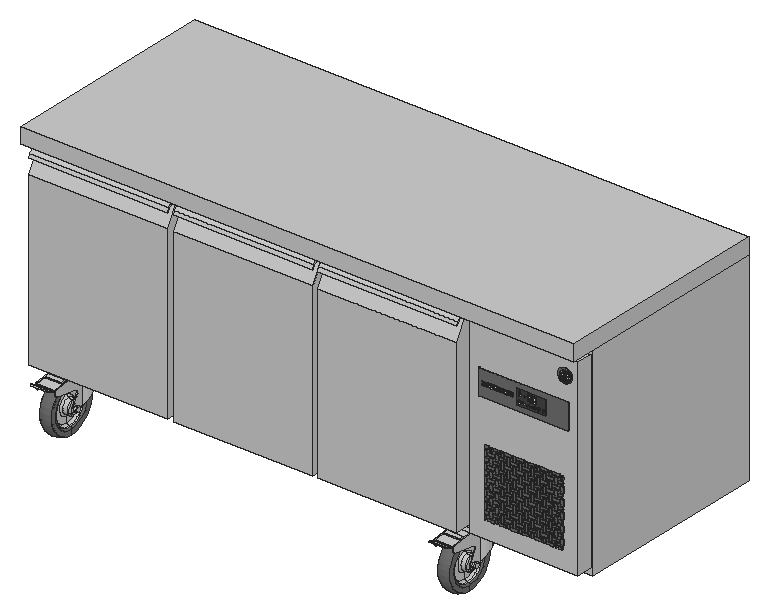
Revit family "QF_HOSHIZAKI_899020861", category Specialty Equipment, Revit 2016
Family settings
  Part Type = Normal
  Round Connector Dimension = Use Diameter
  OmniClass Number = 23.40.40.14
  OmniClass Title = Food Service Equipment
  Work Plane-Based = No
  Always vertical = Yes
  Cut with Voids When Loaded = No
  Shared = No
  Room Calculation Point = No
Parameters (values of type "899020861_230V-1Ph-50Hz")
  Weight = 128.00 kg
  Volts = 230 V
  URL Cutsheet = ""
  URL = "www.hoshizaki-europe.com"
  Status [instance] = ""
  Specification by User [instance] = ""
  Specification by Manufacturer [instance] = ""
  Serial Number = ""
  Seismic Rating = ""
  SMACNA No = ""
  Revision Code [instance] = ""
  Phase = 1
  Number of Poles = 2
  NAFEM Spec ID Number = ""
  Model = "ACF-180DG-LRR-RRC-C1-U"
  Min Ckt Ampacity = 0 A
  Max Overcurrent Protection = 0 A
  Masterspec = ""
  Manufacturer = "HOSHIZAKI"
  Length Actual = 1780 mm
  Item Number [instance] = ""
  Installed By [instance] = ""
  Identify Quantity as Lot [instance] = no
  Height Actual = 850 mm
  HP power = ""
  Furnished By [instance] = ""
  Foodservice Equipment Identifier [instance] = yes
  FL Amps = 2.77 A
  Electric power = 639 W
  Electric Connection Type [instance] = ""
  Elec Conn RI Height [instance] = 0 mm
  Elec Conn Connection Height [instance] = 300 mm
  Description = "ADVANCE 3-SECTION 1/1 GN FREEZER COUNTER WITH 3 DOORS AND A FLAT WORKTOP"
  Depth Actual = 700 mm
  Cycle = 50 Hz
  Cost = 0
  Conn Plug = ""
  Conn Conduit = no
  CSI MasterFormat = ""
  Assembly Code = "E1090320"
  Apparent Power = 639 VA
  Accessory = no
Reference planes
  plane 1 "Center (Front/Back)": y = 0
  plane 2: z = 0
  plane 3 "Center (Left/Right)": x = 0
Forms (mm)
  Extrusion 1, solid, not visible
    sketch origin (1499, -17, 499) x (1, 0, 0) y (0, 1, 0)
      loop
        line (0, 0) -> (2, 0) -> (2, 2) -> (0, 2) -> (0, 0)
    from 0 to 2
Dimensions and locks
  aligned and locked: level to plane 2
Nested families
  nested 1: "QF_HOSHIZAKI_899020861_230V_1Ph_50Hz" at (0, 0, 200), type "899020861_230V/1Ph/50Hz"
    with Show Logo yes, Length Actual 1780 mm, Height Actual 650 mm, Depth Actual 700 mm, Compressor offset 1424 mm, Compressor location 1
  nested 2: "QF_HOSHIZAKI_ADVANCE_REF-COUNTER-WORKTOPS" at (0, 0, 850), type "760660202"
    with Worktop thickness 50 mm, Length Actual 1780 mm, Depth Actual 700 mm, Backsplash thickness 20 mm, Backsplash height 100 mm
  nested 3: "QF_HOSHIZAKI_ADVANCE_REF-COUNTER-DOORS-DRAWERS" at (22, -700, 200), type "760660485-R"
    with Weight 0.00 kg, URL Cutsheet "", Status "", Specification by User "", Specification by Manufacturer "", Serial Number "", Seismic Rating "", Section size 446 mm, Section 1, SMACNA No "", Right hand hinged glass door no, Right hand hinged door no, Revision Code "", NAFEM Spec ID Number "", Masterspec "", Length Actual 0 mm, Left hand hinged glass door no, Left hand hinged door yes, Item Number "", Installed By "", Identify Quantity as Lot no, Height Actual 0 mm, Furnished By "", Foodservice Equipment Identifier no, Depth Actual 0 mm, CSI MasterFormat "", Accessory yes, 3 Drawers no, 2 Drawers 1-3 and 2-3 no, 2 Drawers no
  nested 4: "QF_HOSHIZAKI_ADVANCE_REF-COUNTER-DOORS-DRAWERS" at (488, -700, 200), type "760660485-R"
    with Weight 0.00 kg, URL Cutsheet "", Status "", Specification by User "", Specification by Manufacturer "", Serial Number "", Seismic Rating "", Section size 446 mm, Section 2, SMACNA No "", Right hand hinged glass door no, Right hand hinged door yes, Revision Code "", NAFEM Spec ID Number "", Masterspec "", Length Actual 0 mm, Left hand hinged glass door no, Left hand hinged door no, Item Number "", Installed By "", Identify Quantity as Lot no, Height Actual 0 mm, Furnished By "", Foodservice Equipment Identifier no, Depth Actual 0 mm, CSI MasterFormat "", Accessory yes, 3 Drawers no, 2 Drawers 1-3 and 2-3 no, 2 Drawers no
  nested 5: "QF_HOSHIZAKI_ADVANCE_REF-COUNTER-DOORS-DRAWERS" at (952, -700, 200), type "760660485-R"
    with Weight 0.00 kg, URL Cutsheet "", Status "", Specification by User "", Specification by Manufacturer "", Serial Number "", Seismic Rating "", Section size 446 mm, Section 2, SMACNA No "", Right hand hinged glass door no, Right hand hinged door yes, Revision Code "", NAFEM Spec ID Number "", Masterspec "", Length Actual 0 mm, Left hand hinged glass door no, Left hand hinged door no, Item Number "", Installed By "", Identify Quantity as Lot no, Height Actual 0 mm, Furnished By "", Foodservice Equipment Identifier no, Depth Actual 0 mm, CSI MasterFormat "", Accessory yes, 3 Drawers no, 2 Drawers 1-3 and 2-3 no, 2 Drawers no
  nested 6: "QF_HOSHIZAKI_ADVANCE_REF-COUNTER-CASTORS-200" at (0, 0, 0), type "760660012-6"
    with Weight 0.00 kg, URL Cutsheet "", Status "", Specification by User "", Specification by Manufacturer "", Serial Number "", Seismic Rating "", SMACNA No "", Revision Code "", NAFEM Spec ID Number "", Masterspec "", Length Actual 1780 mm, Legs inset right 430 mm, Legs inset rear 70 mm, Legs inset left 70 mm, Legs inset front 153 mm, Item Number "", Installed By "", Identify Quantity as Lot no, Height Actual 200 mm, Furnished By "", Foodservice Equipment Identifier no, Depth Actual 700 mm, Central Castors no, CSI MasterFormat "", Accessory yes
Connectors
  electrical at (1500, -15, 500), driven by "Apparent Power", driven by "Number of Poles", driven by "Volts"
    settings: on Extrusion 1, index 1, voltage 230 V, apparent load 0 VA, apparent load phase1 639 VA, apparent load phase2 0 VA, apparent load phase3 0 VA, power factor 1, load classification "Other", number of poles 2, system type 31, power factor state 1, is connector primary yes, connector utility no, sub classification motor no, connector description "Electric connection for '899020861' [Plug not included]"
Definition of nested family "QF_HOSHIZAKI_899020861_230V_1Ph_50Hz"
  Parameters (values of type "899020861_230V/1Ph/50Hz")
    URL = "www.hoshizaki-europe.com"
    Show Logo [instance] = yes
    Model = "ACF-180DG-LRR-RRC-C1-U"
    Manufacturer = "HOSHIZAKI"
    Length Actual [instance] = 1780 mm
    Height Actual [instance] = 650 mm
    Description = "ADVANCE 3-SECTION 1/1 GN FREEZER COUNTER WITH 3 DOORS AND A FLAT WORKTOP"
    Depth Actual [instance] = 700 mm
    Compressor offset [instance] = if(Compressor location = 1, Length Actual - 356 mm, if(Compressor location = 2, 7 mm, Length Actual - 356 mm))  # 1424 mm
    Compressor location [instance] = 1
    Author = "SPECIFI"
    Assembly Code = "E1090320"
  Types (24, lengths in mm): name | Model | Length Actual | Description | Compressor offset
    899000840 | "ACF-130DG-LR-RRC-L1" | 1314 | "ADVANCE 2-SECTION 1/1 GN FREEZER COUNTER WITH 2 DOORS AND A FLAT WORKTOP" | 958
    899000844 | "ACF-130DG-LR-RRS-L1" | 1314 | "ADVANCE 2-SECTION 1/1 GN FREEZER COUNTER WITH 2 DOORS AND A FLAT WORKTOP WITH 100 MM SPLASHBACK" | 958
    899000861 | "ACF-130DG-LR-RRC-C1-U" | 1314 | "ADVANCE 2-SECTION 1/1 GN FREEZER COUNTER WITH 2 DOORS AND A FLAT WORKTOP" | 958
    899000865 | "ACF-130DG-LR-RRS-C1-U" | 1314 | "ADVANCE 2-SECTION 1/1 GN FREEZER COUNTER WITH 2 DOORS AND A FLAT WORKTOP WITH 100 MM SPLASHBACK" | 958
    899000842 | "ACF-130DG-LR-RRC-L2" | 1314 | "ADVANCE 2-SECTION 1/1 GN FREEZER COUNTER WITH 2 DOORS AND A FLAT WORKTOP" | 958
    899000846 | "ACF-130DG-LR-RRS-L2" | 1314 | "ADVANCE 2-SECTION 1/1 GN FREEZER COUNTER WITH 2 DOORS AND A FLAT WORKTOP WITH 100 MM SPLASHBACK" | 958
    899000822 | "ACF-130DG-LR-CRC-L2" | 1314 | "ADVANCE 2-SECTION 1/1 GN FREEZER COUNTER WITH 2 DOORS AND A FLAT WORKTOP" | 958
    899000826 | "ACF-130DG-LR-CRS-L2" | 1314 | "ADVANCE 2-SECTION 1/1 GN FREEZER COUNTER WITH 2 DOORS AND A FLAT WORKTOP WITH 100 MM SPLASHBACK" | 958
    899020840 | "ACF-180DG-LRR-RRC-L1" | 1780 | "ADVANCE 3-SECTION 1/1 GN FREEZER COUNTER WITH 3 DOORS AND A FLAT WORKTOP" | 1424
    899020844 | "ACF-180DG-LRR-RRS-L1" | 1780 | "ADVANCE 3-SECTION 1/1 GN FREEZER COUNTER WITH 3 DOORS AND A FLAT WORKTOP WITH 100 MM SPLASHBACK" | 1424
    899020861_230V/1Ph/50Hz | "ACF-180DG-LRR-RRC-C1-U" | 1780 | "ADVANCE 3-SECTION 1/1 GN FREEZER COUNTER WITH 3 DOORS AND A FLAT WORKTOP" | 1424
    899020865 | "ACF-180DG-LRR-RRS-C1-U" | 1780 | "ADVANCE 3-SECTION 1/1 GN FREEZER COUNTER WITH 3 DOORS AND A FLAT WORKTOP WITH 100 MM SPLASHBACK" | 1424
    899020842 | "ACF-180DG-LRR-RRC-L2" | 1780 | "ADVANCE 3-SECTION 1/1 GN FREEZER COUNTER WITH 3 DOORS AND A FLAT WORKTOP" | 1424
    899020846 | "ACF-180DG-LRR-RRS-L2" | 1780 | "ADVANCE 3-SECTION 1/1 GN FREEZER COUNTER WITH 3 DOORS AND A FLAT WORKTOP WITH 100 MM SPLASHBACK" | 1424
    899020823 | "ACF-180DG-LRR-CRC-L2" | 1780 | "ADVANCE 3-SECTION 1/1 GN FREEZER COUNTER WITH 3 DOORS AND A FLAT WORKTOP" | 1424
    899020827 | "ACF-180DG-LRR-CRS-L2" | 1780 | "ADVANCE 3-SECTION 1/1 GN FREEZER COUNTER WITH 3 DOORS AND A FLAT WORKTOP WITH 100 MM SPLASHBACK" | 1424
    899040840 | "ACF-225DG-LLRR-RRC-L1" | 2246 | "ADVANCE 4-SECTION 1/1 GN FREEZER COUNTER WITH 4 DOORS AND A FLAT WORKTOP" | 1890
    899040844 | "ACF-225DG-LLRR-RRS-L1" | 2246 | "ADVANCE 4-SECTION 1/1 GN FREEZER COUNTER WITH 4 DOORS AND A FLAT WORKTOP WITH 100 MM SPLASHBACK" | 1890
    899040861 | "ACF-225DG-LLRR-RRC-C1-U" | 2246 | "ADVANCE 4-SECTION 1/1 GN FREEZER COUNTER WITH 4 DOORS AND A FLAT WORKTOP" | 1890
    899040865 | "ACF-225DG-LLRR-RRS-C1-U" | 2246 | "ADVANCE 4-SECTION 1/1 GN FREEZER COUNTER WITH 4 DOORS AND A FLAT WORKTOP WITH 100 MM SPLASHBACK" | 1890
    899040842 | "ACF-225DG-LLRR-RRC-L2" | 2246 | "ADVANCE 4-SECTION 1/1 GN FREEZER COUNTER WITH 4 DOORS AND A FLAT WORKTOP" | 1890
    899040846 | "ACF-225DG-LLRR-RRS-L2" | 2246 | "ADVANCE 4-SECTION 1/1 GN FREEZER COUNTER WITH 4 DOORS AND A FLAT WORKTOP WITH 100 MM SPLASHBACK" | 1890
    899040822 | "ACF-225DG-LLRR-CRC-L2" | 2246 | "ADVANCE 4-SECTION 1/1 GN FREEZER COUNTER WITH 4 DOORS AND A FLAT WORKTOP" | 1890
    899040826 | "ACF-225DG-LLRR-CRS-L2" | 2246 | "ADVANCE 4-SECTION 1/1 GN FREEZER COUNTER WITH 4 DOORS AND A FLAT WORKTOP WITH 100 MM SPLASHBACK" | 1890
  Reference planes
    plane 1 "Back": y = 0
    plane 2: z = 0
    plane 3 "Left": x = 0
    plane 4 "Right": x = 1780
    plane 5 "Front": y = -700
    plane 6 "Top": z = 650
    plane 7 "Front legs": y = -624.512
    plane 8 "Compressor dimension": x = 1780
    plane 9 "Compressor offset": x = 1424
  Forms (mm)
    Extrusion 1, solid
      sketch origin (0, 0, 0) x (0, 1, 0) y (0, 0, 1)
        loop
          line (0, 650) -> (-624.512, 650) -> (-624.512, 0) -> (0, 0) -> (0, 650)
      from 0 to 1780
    Extrusion 2, solid
      sketch origin (1424, 0, 0) x (0, -1, 0) y (0, 0, 1)
        loop
          line (624.512, 634) -> (624.512, 20) -> (674.54, 20) -> (674.54, 634) -> (624.512, 634)
      from 0 to -349
  Lines and regions (mm)
    symbolic lines
      curve 1: line (0, 0, 650) -> (1780, 0, 650)
      curve 2: line (0, -700, 650) -> (0, 0, 650)
      curve 3: line (1780, -700, 650) -> (0, -700, 650)
      curve 4: line (1780, 0, 650) -> (1780, -700, 650)
  Dimensions and locks
    "Length Actual": plane 3 "Left" to plane 4 "Right"
    "Depth Actual": plane 5 "Front" to plane 1 "Back"
    plane 7 "Front legs" to plane 5 "Front" = 75.488 mm
    "Compressor offset": plane 3 "Left" to plane 9 "Compressor offset"
    locked: plane 9 "Compressor offset" to plane 8 "Compressor dimension" at 356
    plane 6 "Top" to level = 650 mm
    aligned and locked: level to plane 2
    aligned and locked: plane 1 "Back" to Extrusion 1 sketch curve
    aligned and locked: plane 7 "Front legs" to Extrusion 1 sketch curve
    aligned and locked: Extrusion 1 to plane 4 "Right"
    aligned and locked: plane 7 "Front legs" to Extrusion 2 sketch curve
    aligned and locked: nested 1 to plane 5 "Front"
    aligned and locked: nested 1 to plane 9 "Compressor offset"
    aligned and locked: Extrusion 1 sketch curve to plane 6 "Top"
    aligned and locked: plane 2 to Extrusion 1 sketch curve
    aligned and locked: plane 1 "Back" to curve 1
    aligned and locked: plane 5 "Front" to curve 3
    aligned and locked: plane 4 "Right" to curve 4
    aligned and locked: plane 3 "Left" to curve 2
  Automatic sketch dimensions
    plane 5 "Front" to Extrusion 2 sketch curve = 25.46 mm
    level to Extrusion 2 sketch curve = 20 mm
    Extrusion 2 sketch curve to plane 6 "Top" = 16 mm
  Nested families
    nested 1: "Control-panel" at (1424, -700, 0), Show Logo <- "Show Logo", type "Control-panel"
      with Show Logo yes
  Definition of nested family "Control-panel"
    Parameters (values of type "Control-panel")
      Show Logo [instance] = yes
    Reference planes
      plane 1 "Center (Front/Back)": y = 0
      plane 2: z = 0
      plane 3 "Center (Left/Right)": x = 0
      plane 4: z = 650
    Forms (mm)
      Extrusion 1, solid
        sketch origin (-3653, 19.5, -135) x (-1, 0, 0) y (0, 0, 1)
          loop
            arc (-3941, 426) -> (-3944.5, 422.5) -> (-3941, 419) r 3.5
            line (-3941, 419) -> (-3923, 419)
            arc (-3923, 419) -> (-3919.5, 422.5) -> (-3923, 426) r 3.5
            line (-3923, 426) -> (-3941, 426)
          loop
            arc (-3903, 426) -> (-3906.5, 422.5) -> (-3903, 419) r 3.5
            line (-3903, 419) -> (-3885, 419)
            arc (-3885, 419) -> (-3881.5, 422.5) -> (-3885, 426) r 3.5
            line (-3885, 426) -> (-3903, 426)
          loop
            arc (-3865, 426) -> (-3868.5, 422.5) -> (-3865, 419) r 3.5
            line (-3865, 419) -> (-3847, 419)
            arc (-3847, 419) -> (-3843.5, 422.5) -> (-3847, 426) r 3.5
            line (-3847, 426) -> (-3865, 426)
          loop
            arc (-3827, 426) -> (-3830.5, 422.5) -> (-3827, 419) r 3.5
            line (-3827, 419) -> (-3809, 419)
            arc (-3809, 419) -> (-3805.5, 422.5) -> (-3809, 426) r 3.5
            line (-3809, 426) -> (-3827, 426)
          loop
            arc (-3789, 426) -> (-3792.5, 422.5) -> (-3789, 419) r 3.5
            line (-3789, 419) -> (-3771, 419)
            arc (-3771, 419) -> (-3767.5, 422.5) -> (-3771, 426) r 3.5
            line (-3771, 426) -> (-3789, 426)
          loop
            arc (-3751, 426) -> (-3754.5, 422.5) -> (-3751, 419) r 3.5
            line (-3751, 419) -> (-3733, 419)
            arc (-3733, 419) -> (-3729.5, 422.5) -> (-3733, 426) r 3.5
            line (-3733, 426) -> (-3751, 426)
          loop
            arc (-3713, 426) -> (-3716.5, 422.5) -> (-3713, 419) r 3.5
            line (-3713, 419) -> (-3704, 419)
            arc (-3704, 419) -> (-3700.5, 422.5) -> (-3704, 426) r 3.5
            line (-3704, 426) -> (-3713, 426)
          loop
            arc (-3948, 422) -> (-3951, 425) -> (-3954, 422) r 3
            line (-3954, 422) -> (-3954, 413)
            arc (-3954, 413) -> (-3951, 410) -> (-3948, 413) r 3
            line (-3948, 413) -> (-3948, 422)
          loop
            line (-3938.025, 416.51) -> (-3945.025, 416.51) -> (-3945.025, 409.51) -> (-3938.025, 409.51) -> (-3938.025, 416.51)
          loop
            line (-3919.025, 416.51) -> (-3926.025, 416.51) -> (-3926.025, 409.51) -> (-3919.025, 409.51) -> (-3919.025, 416.51)
          loop
            arc (-3910, 422) -> (-3913, 425) -> (-3916, 422) r 3
            line (-3916, 422) -> (-3916, 413)
            arc (-3916, 413) -> (-3913, 410) -> (-3910, 413) r 3
            line (-3910, 413) -> (-3910, 422)
          loop
            line (-3900.025, 416.51) -> (-3907.025, 416.51) -> (-3907.025, 409.51) -> (-3900.025, 409.51) -> (-3900.025, 416.51)
          loop
            line (-3881.025, 416.51) -> (-3888.025, 416.51) -> (-3888.025, 409.51) -> (-3881.025, 409.51) -> (-3881.025, 416.51)
          loop
            arc (-3872, 422) -> (-3875, 425) -> (-3878, 422) r 3
            line (-3878, 422) -> (-3878, 413)
            arc (-3878, 413) -> (-3875, 410) -> (-3872, 413) r 3
            line (-3872, 413) -> (-3872, 422)
          loop
            line (-3862.025, 416.51) -> (-3869.025, 416.51) -> (-3869.025, 409.51) -> (-3862.025, 409.51) -> (-3862.025, 416.51)
          loop
            line (-3843.025, 416.51) -> (-3850.025, 416.51) -> (-3850.025, 409.51) -> (-3843.025, 409.51) -> (-3843.025, 416.51)
          loop
            arc (-3834, 422) -> (-3837, 425) -> (-3840, 422) r 3
            line (-3840, 422) -> (-3840, 413)
            arc (-3840, 413) -> (-3837, 410) -> (-3834, 413) r 3
            line (-3834, 413) -> (-3834, 422)
          loop
            line (-3824.025, 416.51) -> (-3831.025, 416.51) -> (-3831.025, 409.51) -> (-3824.025, 409.51) -> (-3824.025, 416.51)
          loop
            line (-3805.025, 416.51) -> (-3812.025, 416.51) -> (-3812.025, 409.51) -> (-3805.025, 409.51) -> (-3805.025, 416.51)
          loop
            arc (-3796, 422) -> (-3799, 425) -> (-3802, 422) r 3
            line (-3802, 422) -> (-3802, 413)
            arc (-3802, 413) -> (-3799, 410) -> (-3796, 413) r 3
            line (-3796, 413) -> (-3796, 422)
          loop
            line (-3786.025, 416.51) -> (-3793.025, 416.51) -> (-3793.025, 409.51) -> (-3786.025, 409.51) -> (-3786.025, 416.51)
          loop
            line (-3767.025, 416.51) -> (-3774.025, 416.51) -> (-3774.025, 409.51) -> (-3767.025, 409.51) -> (-3767.025, 416.51)
          loop
            arc (-3758, 422) -> (-3761, 425) -> (-3764, 422) r 3
            line (-3764, 422) -> (-3764, 413)
            arc (-3764, 413) -> (-3761, 410) -> (-3758, 413) r 3
            line (-3758, 413) -> (-3758, 422)
          loop
            line (-3748.025, 416.51) -> (-3755.025, 416.51) -> (-3755.025, 409.51) -> (-3748.025, 409.51) -> (-3748.025, 416.51)
          loop
            line (-3729.025, 416.51) -> (-3736.025, 416.51) -> (-3736.025, 409.51) -> (-3729.025, 409.51) -> (-3729.025, 416.51)
          loop
            arc (-3720, 422) -> (-3723, 425) -> (-3726, 422) r 3
            line (-3726, 422) -> (-3726, 413)
            arc (-3726, 413) -> (-3723, 410) -> (-3720, 413) r 3
            line (-3720, 413) -> (-3720, 422)
          loop
            line (-3710.025, 416.51) -> (-3717.025, 416.51) -> (-3717.025, 409.51) -> (-3710.025, 409.51) -> (-3710.025, 416.51)
          loop
            line (-3935.5, 412.5) -> (-3935.5, 394.5)
            arc (-3935.5, 394.5) -> (-3932, 391) -> (-3928.5, 394.5) r 3.5
            line (-3928.5, 394.5) -> (-3928.5, 412.5)
            arc (-3928.5, 412.5) -> (-3932, 416) -> (-3935.5, 412.5) r 3.5
          loop
            line (-3897.5, 412.5) -> (-3897.5, 394.5)
            arc (-3897.5, 394.5) -> (-3894, 391) -> (-3890.5, 394.5) r 3.5
            line (-3890.5, 394.5) -> (-3890.5, 412.5)
            arc (-3890.5, 412.5) -> (-3894, 416) -> (-3897.5, 412.5) r 3.5
          loop
            line (-3859.5, 412.5) -> (-3859.5, 394.5)
            arc (-3859.5, 394.5) -> (-3856, 391) -> (-3852.5, 394.5) r 3.5
            line (-3852.5, 394.5) -> (-3852.5, 412.5)
            arc (-3852.5, 412.5) -> (-3856, 416) -> (-3859.5, 412.5) r 3.5
          loop
            line (-3821.5, 412.5) -> (-3821.5, 394.5)
            arc (-3821.5, 394.5) -> (-3818, 391) -> (-3814.5, 394.5) r 3.5
            line (-3814.5, 394.5) -> (-3814.5, 412.5)
            arc (-3814.5, 412.5) -> (-3818, 416) -> (-3821.5, 412.5) r 3.5
          loop
            line (-3783.5, 412.5) -> (-3783.5, 394.5)
            arc (-3783.5, 394.5) -> (-3780, 391) -> (-3776.5, 394.5) r 3.5
            line (-3776.5, 394.5) -> (-3776.5, 412.5)
            arc (-3776.5, 412.5) -> (-3780, 416) -> (-3783.5, 412.5) r 3.5
          loop
            line (-3745.5, 412.5) -> (-3745.5, 394.5)
            arc (-3745.5, 394.5) -> (-3742, 391) -> (-3738.5, 394.5) r 3.5
            line (-3738.5, 394.5) -> (-3738.5, 412.5)
            arc (-3738.5, 412.5) -> (-3742, 416) -> (-3745.5, 412.5) r 3.5
          loop
            line (-3707.5, 412.5) -> (-3707.5, 394.5)
            arc (-3707.5, 394.5) -> (-3704, 391) -> (-3700.5, 394.5) r 3.5
            line (-3700.5, 394.5) -> (-3700.5, 412.5)
            arc (-3700.5, 412.5) -> (-3704, 416) -> (-3707.5, 412.5) r 3.5
          loop
            arc (-3922, 407) -> (-3925.5, 403.5) -> (-3922, 400) r 3.5
            line (-3922, 400) -> (-3904, 400)
            arc (-3904, 400) -> (-3900.5, 403.5) -> (-3904, 407) r 3.5
            line (-3904, 407) -> (-3922, 407)
          loop
            arc (-3884, 407) -> (-3887.5, 403.5) -> (-3884, 400) r 3.5
            line (-3884, 400) -> (-3866, 400)
            arc (-3866, 400) -> (-3862.5, 403.5) -> (-3866, 407) r 3.5
            line (-3866, 407) -> (-3884, 407)
          loop
            arc (-3846, 407) -> (-3849.5, 403.5) -> (-3846, 400) r 3.5
            line (-3846, 400) -> (-3828, 400)
            arc (-3828, 400) -> (-3824.5, 403.5) -> (-3828, 407) r 3.5
            line (-3828, 407) -> (-3846, 407)
          loop
            arc (-3808, 407) -> (-3811.5, 403.5) -> (-3808, 400) r 3.5
            line (-3808, 400) -> (-3790, 400)
            arc (-3790, 400) -> (-3786.5, 403.5) -> (-3790, 407) r 3.5
            line (-3790, 407) -> (-3808, 407)
          loop
            arc (-3770, 407) -> (-3773.5, 403.5) -> (-3770, 400) r 3.5
            line (-3770, 400) -> (-3752, 400)
            arc (-3752, 400) -> (-3748.5, 403.5) -> (-3752, 407) r 3.5
            line (-3752, 407) -> (-3770, 407)
          loop
            arc (-3732, 407) -> (-3735.5, 403.5) -> (-3732, 400) r 3.5
            line (-3732, 400) -> (-3714, 400)
            arc (-3714, 400) -> (-3710.5, 403.5) -> (-3714, 407) r 3.5
            line (-3714, 407) -> (-3732, 407)
          loop
            line (-3938.025, 390.49) -> (-3938.025, 397.49) -> (-3945.025, 397.49) -> (-3945.025, 390.49) -> (-3938.025, 390.49)
          loop
            line (-3919.025, 390.49) -> (-3919.025, 397.49) -> (-3926.025, 397.49) -> (-3926.025, 390.49) -> (-3919.025, 390.49)
          loop
            line (-3900.025, 390.49) -> (-3900.025, 397.49) -> (-3907.025, 397.49) -> (-3907.025, 390.49) -> (-3900.025, 390.49)
          loop
            line (-3881.025, 390.49) -> (-3881.025, 397.49) -> (-3888.025, 397.49) -> (-3888.025, 390.49) -> (-3881.025, 390.49)
          loop
            line (-3862.025, 390.49) -> (-3862.025, 397.49) -> (-3869.025, 397.49) -> (-3869.025, 390.49) -> (-3862.025, 390.49)
          loop
            line (-3843.025, 390.49) -> (-3843.025, 397.49) -> (-3850.025, 397.49) -> (-3850.025, 390.49) -> (-3843.025, 390.49)
          loop
            line (-3824.025, 390.49) -> (-3824.025, 397.49) -> (-3831.025, 397.49) -> (-3831.025, 390.49) -> (-3824.025, 390.49)
          loop
            line (-3805.025, 390.49) -> (-3805.025, 397.49) -> (-3812.025, 397.49) -> (-3812.025, 390.49) -> (-3805.025, 390.49)
          loop
            line (-3786.025, 390.49) -> (-3786.025, 397.49) -> (-3793.025, 397.49) -> (-3793.025, 390.49) -> (-3786.025, 390.49)
          loop
            line (-3767.025, 390.49) -> (-3767.025, 397.49) -> (-3774.025, 397.49) -> (-3774.025, 390.49) -> (-3767.025, 390.49)
          loop
            line (-3748.025, 390.49) -> (-3748.025, 397.49) -> (-3755.025, 397.49) -> (-3755.025, 390.49) -> (-3748.025, 390.49)
          loop
            line (-3729.025, 390.49) -> (-3729.025, 397.49) -> (-3736.025, 397.49) -> (-3736.025, 390.49) -> (-3729.025, 390.49)
          loop
            line (-3710.025, 390.49) -> (-3710.025, 397.49) -> (-3717.025, 397.49) -> (-3717.025, 390.49) -> (-3710.025, 390.49)
          loop
            arc (-3719.5, 393.5) -> (-3723, 397) -> (-3726.5, 393.5) r 3.5
            line (-3726.5, 393.5) -> (-3726.5, 375.5)
            arc (-3726.5, 375.5) -> (-3723, 372) -> (-3719.5, 375.5) r 3.5
            line (-3719.5, 375.5) -> (-3719.5, 393.5)
          loop
            arc (-3757.5, 393.5) -> (-3761, 397) -> (-3764.5, 393.5) r 3.5
            line (-3764.5, 393.5) -> (-3764.5, 375.5)
            arc (-3764.5, 375.5) -> (-3761, 372) -> (-3757.5, 375.5) r 3.5
            line (-3757.5, 375.5) -> (-3757.5, 393.5)
          loop
            arc (-3795.5, 393.5) -> (-3799, 397) -> (-3802.5, 393.5) r 3.5
            line (-3802.5, 393.5) -> (-3802.5, 375.5)
            arc (-3802.5, 375.5) -> (-3799, 372) -> (-3795.5, 375.5) r 3.5
            line (-3795.5, 375.5) -> (-3795.5, 393.5)
          loop
            arc (-3833.5, 393.5) -> (-3837, 397) -> (-3840.5, 393.5) r 3.5
            line (-3840.5, 393.5) -> (-3840.5, 375.5)
            arc (-3840.5, 375.5) -> (-3837, 372) -> (-3833.5, 375.5) r 3.5
            line (-3833.5, 375.5) -> (-3833.5, 393.5)
          loop
            arc (-3871.5, 393.5) -> (-3875, 397) -> (-3878.5, 393.5) r 3.5
            line (-3878.5, 393.5) -> (-3878.5, 375.5)
            arc (-3878.5, 375.5) -> (-3875, 372) -> (-3871.5, 375.5) r 3.5
            line (-3871.5, 375.5) -> (-3871.5, 393.5)
          loop
            arc (-3909.5, 393.5) -> (-3913, 397) -> (-3916.5, 393.5) r 3.5
            line (-3916.5, 393.5) -> (-3916.5, 375.5)
            arc (-3916.5, 375.5) -> (-3913, 372) -> (-3909.5, 375.5) r 3.5
            line (-3909.5, 375.5) -> (-3909.5, 393.5)
          loop
            arc (-3951, 406.5) -> (-3954, 403.5) -> (-3951, 400.5) r 3
            line (-3951, 400.5) -> (-3942, 400.5)
            arc (-3942, 400.5) -> (-3939, 403.5) -> (-3942, 406.5) r 3
            line (-3942, 406.5) -> (-3951, 406.5)
          loop
            arc (-3947.5, 393.5) -> (-3951, 397) -> (-3954.5, 393.5) r 3.5
            line (-3954.5, 393.5) -> (-3954.5, 375.5)
            arc (-3954.5, 375.5) -> (-3951, 372) -> (-3947.5, 375.5) r 3.5
            line (-3947.5, 375.5) -> (-3947.5, 393.5)
          loop
            arc (-3941, 388.51) -> (-3944.5, 385.01) -> (-3941, 381.51) r 3.5
            line (-3941, 381.51) -> (-3923, 381.51)
            arc (-3923, 381.51) -> (-3919.5, 385.01) -> (-3923, 388.51) r 3.5
            line (-3923, 388.51) -> (-3941, 388.51)
          loop
            arc (-3903, 388.51) -> (-3906.5, 385.01) -> (-3903, 381.51) r 3.5
            line (-3903, 381.51) -> (-3885, 381.51)
            arc (-3885, 381.51) -> (-3881.5, 385.01) -> (-3885, 388.51) r 3.5
            line (-3885, 388.51) -> (-3903, 388.51)
          loop
            arc (-3865, 388.51) -> (-3868.5, 385.01) -> (-3865, 381.51) r 3.5
            line (-3865, 381.51) -> (-3847, 381.51)
            arc (-3847, 381.51) -> (-3843.5, 385.01) -> (-3847, 388.51) r 3.5
            line (-3847, 388.51) -> (-3865, 388.51)
          loop
            arc (-3827, 388.51) -> (-3830.5, 385.01) -> (-3827, 381.51) r 3.5
            line (-3827, 381.51) -> (-3809, 381.51)
            arc (-3809, 381.51) -> (-3805.5, 385.01) -> (-3809, 388.51) r 3.5
            line (-3809, 388.51) -> (-3827, 388.51)
          loop
            arc (-3789, 388.51) -> (-3792.5, 385.01) -> (-3789, 381.51) r 3.5
            line (-3789, 381.51) -> (-3771, 381.51)
            arc (-3771, 381.51) -> (-3767.5, 385.01) -> (-3771, 388.51) r 3.5
            line (-3771, 388.51) -> (-3789, 388.51)
          loop
            arc (-3751, 388.51) -> (-3754.5, 385.01) -> (-3751, 381.51) r 3.5
            line (-3751, 381.51) -> (-3733, 381.51)
            arc (-3733, 381.51) -> (-3729.5, 385.01) -> (-3733, 388.51) r 3.5
            line (-3733, 388.51) -> (-3751, 388.51)
          loop
            arc (-3713, 388.51) -> (-3716.5, 385.01) -> (-3713, 381.51) r 3.5
            line (-3713, 381.51) -> (-3704, 381.51)
            arc (-3704, 381.51) -> (-3700.5, 385.01) -> (-3704, 388.51) r 3.5
            line (-3704, 388.51) -> (-3713, 388.51)
          loop
            line (-3938.025, 379.02) -> (-3945.025, 379.02) -> (-3945.025, 372.02) -> (-3938.025, 372.02) -> (-3938.025, 379.02)
          loop
            line (-3919.025, 379.02) -> (-3926.025, 379.02) -> (-3926.025, 372.02) -> (-3919.025, 372.02) -> (-3919.025, 379.02)
          loop
            line (-3900.025, 379.02) -> (-3907.025, 379.02) -> (-3907.025, 372.02) -> (-3900.025, 372.02) -> (-3900.025, 379.02)
          loop
            line (-3881.025, 379.02) -> (-3888.025, 379.02) -> (-3888.025, 372.02) -> (-3881.025, 372.02) -> (-3881.025, 379.02)
          loop
            line (-3862.025, 379.02) -> (-3869.025, 379.02) -> (-3869.025, 372.02) -> (-3862.025, 372.02) -> (-3862.025, 379.02)
          loop
            line (-3843.025, 379.02) -> (-3850.025, 379.02) -> (-3850.025, 372.02) -> (-3843.025, 372.02) -> (-3843.025, 379.02)
          loop
            line (-3824.025, 379.02) -> (-3831.025, 379.02) -> (-3831.025, 372.02) -> (-3824.025, 372.02) -> (-3824.025, 379.02)
          loop
            line (-3805.025, 379.02) -> (-3812.025, 379.02) -> (-3812.025, 372.02) -> (-3805.025, 372.02) -> (-3805.025, 379.02)
          loop
            line (-3786.025, 379.02) -> (-3793.025, 379.02) -> (-3793.025, 372.02) -> (-3786.025, 372.02) -> (-3786.025, 379.02)
          loop
            line (-3767.025, 379.02) -> (-3774.025, 379.02) -> (-3774.025, 372.02) -> (-3767.025, 372.02) -> (-3767.025, 379.02)
          loop
            line (-3748.025, 379.02) -> (-3755.025, 379.02) -> (-3755.025, 372.02) -> (-3748.025, 372.02) -> (-3748.025, 379.02)
          loop
            line (-3729.025, 379.02) -> (-3736.025, 379.02) -> (-3736.025, 372.02) -> (-3729.025, 372.02) -> (-3729.025, 379.02)
          loop
            line (-3710.025, 379.02) -> (-3717.025, 379.02) -> (-3717.025, 372.02) -> (-3710.025, 372.02) -> (-3710.025, 379.02)
          loop
            line (-3935.5, 375.01) -> (-3935.5, 357.01)
            arc (-3935.5, 357.01) -> (-3932, 353.51) -> (-3928.5, 357.01) r 3.5
            line (-3928.5, 357.01) -> (-3928.5, 375.01)
            arc (-3928.5, 375.01) -> (-3932, 378.51) -> (-3935.5, 375.01) r 3.5
          loop
            line (-3897.5, 375.01) -> (-3897.5, 357.01)
            arc (-3897.5, 357.01) -> (-3894, 353.51) -> (-3890.5, 357.01) r 3.5
            line (-3890.5, 357.01) -> (-3890.5, 375.01)
            arc (-3890.5, 375.01) -> (-3894, 378.51) -> (-3897.5, 375.01) r 3.5
          loop
            line (-3859.5, 375.01) -> (-3859.5, 357.01)
            arc (-3859.5, 357.01) -> (-3856, 353.51) -> (-3852.5, 357.01) r 3.5
            line (-3852.5, 357.01) -> (-3852.5, 375.01)
            arc (-3852.5, 375.01) -> (-3856, 378.51) -> (-3859.5, 375.01) r 3.5
          loop
            line (-3821.5, 375.01) -> (-3821.5, 357.01)
            arc (-3821.5, 357.01) -> (-3818, 353.51) -> (-3814.5, 357.01) r 3.5
            line (-3814.5, 357.01) -> (-3814.5, 375.01)
            arc (-3814.5, 375.01) -> (-3818, 378.51) -> (-3821.5, 375.01) r 3.5
          loop
            line (-3783.5, 375.01) -> (-3783.5, 357.01)
            arc (-3783.5, 357.01) -> (-3780, 353.51) -> (-3776.5, 357.01) r 3.5
            line (-3776.5, 357.01) -> (-3776.5, 375.01)
            arc (-3776.5, 375.01) -> (-3780, 378.51) -> (-3783.5, 375.01) r 3.5
          loop
            line (-3745.5, 375.01) -> (-3745.5, 357.01)
            arc (-3745.5, 357.01) -> (-3742, 353.51) -> (-3738.5, 357.01) r 3.5
            line (-3738.5, 357.01) -> (-3738.5, 375.01)
            arc (-3738.5, 375.01) -> (-3742, 378.51) -> (-3745.5, 375.01) r 3.5
          loop
            line (-3707.5, 375.01) -> (-3707.5, 357.01)
            arc (-3707.5, 357.01) -> (-3704, 353.51) -> (-3700.5, 357.01) r 3.5
            line (-3700.5, 357.01) -> (-3700.5, 375.01)
            arc (-3700.5, 375.01) -> (-3704, 378.51) -> (-3707.5, 375.01) r 3.5
          loop
            arc (-3922, 369.51) -> (-3925.5, 366.01) -> (-3922, 362.51) r 3.5
            line (-3922, 362.51) -> (-3904, 362.51)
            arc (-3904, 362.51) -> (-3900.5, 366.01) -> (-3904, 369.51) r 3.5
            line (-3904, 369.51) -> (-3922, 369.51)
          loop
            arc (-3884, 369.51) -> (-3887.5, 366.01) -> (-3884, 362.51) r 3.5
            line (-3884, 362.51) -> (-3866, 362.51)
            arc (-3866, 362.51) -> (-3862.5, 366.01) -> (-3866, 369.51) r 3.5
            line (-3866, 369.51) -> (-3884, 369.51)
          loop
            arc (-3846, 369.51) -> (-3849.5, 366.01) -> (-3846, 362.51) r 3.5
            line (-3846, 362.51) -> (-3828, 362.51)
            arc (-3828, 362.51) -> (-3824.5, 366.01) -> (-3828, 369.51) r 3.5
            line (-3828, 369.51) -> (-3846, 369.51)
          loop
            arc (-3808, 369.51) -> (-3811.5, 366.01) -> (-3808, 362.51) r 3.5
            line (-3808, 362.51) -> (-3790, 362.51)
            arc (-3790, 362.51) -> (-3786.5, 366.01) -> (-3790, 369.51) r 3.5
            line (-3790, 369.51) -> (-3808, 369.51)
          loop
            arc (-3770, 369.51) -> (-3773.5, 366.01) -> (-3770, 362.51) r 3.5
            line (-3770, 362.51) -> (-3752, 362.51)
            arc (-3752, 362.51) -> (-3748.5, 366.01) -> (-3752, 369.51) r 3.5
            line (-3752, 369.51) -> (-3770, 369.51)
          loop
            arc (-3732, 369.51) -> (-3735.5, 366.01) -> (-3732, 362.51) r 3.5
            line (-3732, 362.51) -> (-3714, 362.51)
            arc (-3714, 362.51) -> (-3710.5, 366.01) -> (-3714, 369.51) r 3.5
            line (-3714, 369.51) -> (-3732, 369.51)
          loop
            line (-3938.025, 353) -> (-3938.025, 360) -> (-3945.025, 360) -> (-3945.025, 353) -> (-3938.025, 353)
          loop
            line (-3919.025, 353) -> (-3919.025, 360) -> (-3926.025, 360) -> (-3926.025, 353) -> (-3919.025, 353)
          loop
            line (-3900.025, 353) -> (-3900.025, 360) -> (-3907.025, 360) -> (-3907.025, 353) -> (-3900.025, 353)
          loop
            line (-3881.025, 353) -> (-3881.025, 360) -> (-3888.025, 360) -> (-3888.025, 353) -> (-3881.025, 353)
          loop
            line (-3862.025, 353) -> (-3862.025, 360) -> (-3869.025, 360) -> (-3869.025, 353) -> (-3862.025, 353)
          loop
            line (-3843.025, 353) -> (-3843.025, 360) -> (-3850.025, 360) -> (-3850.025, 353) -> (-3843.025, 353)
          loop
            line (-3824.025, 353) -> (-3824.025, 360) -> (-3831.025, 360) -> (-3831.025, 353) -> (-3824.025, 353)
          loop
            line (-3805.025, 353) -> (-3805.025, 360) -> (-3812.025, 360) -> (-3812.025, 353) -> (-3805.025, 353)
          loop
            line (-3786.025, 353) -> (-3786.025, 360) -> (-3793.025, 360) -> (-3793.025, 353) -> (-3786.025, 353)
          loop
            line (-3767.025, 353) -> (-3767.025, 360) -> (-3774.025, 360) -> (-3774.025, 353) -> (-3767.025, 353)
          loop
            line (-3748.025, 353) -> (-3748.025, 360) -> (-3755.025, 360) -> (-3755.025, 353) -> (-3748.025, 353)
          loop
            line (-3729.025, 353) -> (-3729.025, 360) -> (-3736.025, 360) -> (-3736.025, 353) -> (-3729.025, 353)
          loop
            line (-3710.025, 353) -> (-3710.025, 360) -> (-3717.025, 360) -> (-3717.025, 353) -> (-3710.025, 353)
          loop
            arc (-3719.5, 356.01) -> (-3723, 359.51) -> (-3726.5, 356.01) r 3.5
            line (-3726.5, 356.01) -> (-3726.5, 338.01)
            arc (-3726.5, 338.01) -> (-3723, 334.51) -> (-3719.5, 338.01) r 3.5
            line (-3719.5, 338.01) -> (-3719.5, 356.01)
          loop
            arc (-3757.5, 356.01) -> (-3761, 359.51) -> (-3764.5, 356.01) r 3.5
            line (-3764.5, 356.01) -> (-3764.5, 338.01)
            arc (-3764.5, 338.01) -> (-3761, 334.51) -> (-3757.5, 338.01) r 3.5
            line (-3757.5, 338.01) -> (-3757.5, 356.01)
          loop
            arc (-3795.5, 356.01) -> (-3799, 359.51) -> (-3802.5, 356.01) r 3.5
            line (-3802.5, 356.01) -> (-3802.5, 338.01)
            arc (-3802.5, 338.01) -> (-3799, 334.51) -> (-3795.5, 338.01) r 3.5
            line (-3795.5, 338.01) -> (-3795.5, 356.01)
          loop
            arc (-3833.5, 356.01) -> (-3837, 359.51) -> (-3840.5, 356.01) r 3.5
            line (-3840.5, 356.01) -> (-3840.5, 338.01)
            arc (-3840.5, 338.01) -> (-3837, 334.51) -> (-3833.5, 338.01) r 3.5
            line (-3833.5, 338.01) -> (-3833.5, 356.01)
          loop
            arc (-3871.5, 356.01) -> (-3875, 359.51) -> (-3878.5, 356.01) r 3.5
            line (-3878.5, 356.01) -> (-3878.5, 338.01)
            arc (-3878.5, 338.01) -> (-3875, 334.51) -> (-3871.5, 338.01) r 3.5
            line (-3871.5, 338.01) -> (-3871.5, 356.01)
          loop
            arc (-3909.5, 356.01) -> (-3913, 359.51) -> (-3916.5, 356.01) r 3.5
            line (-3916.5, 356.01) -> (-3916.5, 338.01)
            arc (-3916.5, 338.01) -> (-3913, 334.51) -> (-3909.5, 338.01) r 3.5
            line (-3909.5, 338.01) -> (-3909.5, 356.01)
          loop
            arc (-3951, 369.01) -> (-3954, 366.01) -> (-3951, 363.01) r 3
            line (-3951, 363.01) -> (-3942, 363.01)
            arc (-3942, 363.01) -> (-3939, 366.01) -> (-3942, 369.01) r 3
            line (-3942, 369.01) -> (-3951, 369.01)
          loop
            arc (-3947.5, 356.01) -> (-3951, 359.51) -> (-3954.5, 356.01) r 3.5
            line (-3954.5, 356.01) -> (-3954.5, 338.01)
            arc (-3954.5, 338.01) -> (-3951, 334.51) -> (-3947.5, 338.01) r 3.5
            line (-3947.5, 338.01) -> (-3947.5, 356.01)
          loop
            arc (-3941, 350.486) -> (-3944.5, 346.986) -> (-3941, 343.486) r 3.5
            line (-3941, 343.486) -> (-3923, 343.486)
            arc (-3923, 343.486) -> (-3919.5, 346.986) -> (-3923, 350.486) r 3.5
            line (-3923, 350.486) -> (-3941, 350.486)
          loop
            arc (-3903, 350.486) -> (-3906.5, 346.986) -> (-3903, 343.486) r 3.5
            line (-3903, 343.486) -> (-3885, 343.486)
            arc (-3885, 343.486) -> (-3881.5, 346.986) -> (-3885, 350.486) r 3.5
            line (-3885, 350.486) -> (-3903, 350.486)
          loop
            arc (-3865, 350.486) -> (-3868.5, 346.986) -> (-3865, 343.486) r 3.5
            line (-3865, 343.486) -> (-3847, 343.486)
            arc (-3847, 343.486) -> (-3843.5, 346.986) -> (-3847, 350.486) r 3.5
            line (-3847, 350.486) -> (-3865, 350.486)
          loop
            arc (-3827, 350.486) -> (-3830.5, 346.986) -> (-3827, 343.486) r 3.5
            line (-3827, 343.486) -> (-3809, 343.486)
            arc (-3809, 343.486) -> (-3805.5, 346.986) -> (-3809, 350.486) r 3.5
            line (-3809, 350.486) -> (-3827, 350.486)
          loop
            arc (-3789, 350.486) -> (-3792.5, 346.986) -> (-3789, 343.486) r 3.5
            line (-3789, 343.486) -> (-3771, 343.486)
            arc (-3771, 343.486) -> (-3767.5, 346.986) -> (-3771, 350.486) r 3.5
            line (-3771, 350.486) -> (-3789, 350.486)
          loop
            arc (-3751, 350.486) -> (-3754.5, 346.986) -> (-3751, 343.486) r 3.5
            line (-3751, 343.486) -> (-3733, 343.486)
            arc (-3733, 343.486) -> (-3729.5, 346.986) -> (-3733, 350.486) r 3.5
            line (-3733, 350.486) -> (-3751, 350.486)
          loop
            arc (-3713, 350.486) -> (-3716.5, 346.986) -> (-3713, 343.486) r 3.5
            line (-3713, 343.486) -> (-3704, 343.486)
            arc (-3704, 343.486) -> (-3700.5, 346.986) -> (-3704, 350.486) r 3.5
            line (-3704, 350.486) -> (-3713, 350.486)
          loop
            line (-3938.025, 340.996) -> (-3945.025, 340.996) -> (-3945.025, 333.996) -> (-3938.025, 333.996) -> (-3938.025, 340.996)
          loop
            line (-3919.025, 340.996) -> (-3926.025, 340.996) -> (-3926.025, 333.996) -> (-3919.025, 333.996) -> (-3919.025, 340.996)
          loop
            line (-3900.025, 340.996) -> (-3907.025, 340.996) -> (-3907.025, 333.996) -> (-3900.025, 333.996) -> (-3900.025, 340.996)
          loop
            line (-3881.025, 340.996) -> (-3888.025, 340.996) -> (-3888.025, 333.996) -> (-3881.025, 333.996) -> (-3881.025, 340.996)
          loop
            line (-3862.025, 340.996) -> (-3869.025, 340.996) -> (-3869.025, 333.996) -> (-3862.025, 333.996) -> (-3862.025, 340.996)
          loop
            line (-3843.025, 340.996) -> (-3850.025, 340.996) -> (-3850.025, 333.996) -> (-3843.025, 333.996) -> (-3843.025, 340.996)
          loop
            line (-3824.025, 340.996) -> (-3831.025, 340.996) -> (-3831.025, 333.996) -> (-3824.025, 333.996) -> (-3824.025, 340.996)
          loop
            line (-3805.025, 340.996) -> (-3812.025, 340.996) -> (-3812.025, 333.996) -> (-3805.025, 333.996) -> (-3805.025, 340.996)
          loop
            line (-3786.025, 340.996) -> (-3793.025, 340.996) -> (-3793.025, 333.996) -> (-3786.025, 333.996) -> (-3786.025, 340.996)
          loop
            line (-3767.025, 340.996) -> (-3774.025, 340.996) -> (-3774.025, 333.996) -> (-3767.025, 333.996) -> (-3767.025, 340.996)
          loop
            line (-3748.025, 340.996) -> (-3755.025, 340.996) -> (-3755.025, 333.996) -> (-3748.025, 333.996) -> (-3748.025, 340.996)
          loop
            line (-3729.025, 340.996) -> (-3736.025, 340.996) -> (-3736.025, 333.996) -> (-3729.025, 333.996) -> (-3729.025, 340.996)
          loop
            line (-3710.025, 340.996) -> (-3717.025, 340.996) -> (-3717.025, 333.996) -> (-3710.025, 333.996) -> (-3710.025, 340.996)
          loop
            line (-3935.5, 336.986) -> (-3935.5, 318.986)
            arc (-3935.5, 318.986) -> (-3932, 315.486) -> (-3928.5, 318.986) r 3.5
            line (-3928.5, 318.986) -> (-3928.5, 336.986)
            arc (-3928.5, 336.986) -> (-3932, 340.486) -> (-3935.5, 336.986) r 3.5
          loop
            line (-3897.5, 336.986) -> (-3897.5, 318.986)
            arc (-3897.5, 318.986) -> (-3894, 315.486) -> (-3890.5, 318.986) r 3.5
            line (-3890.5, 318.986) -> (-3890.5, 336.986)
            arc (-3890.5, 336.986) -> (-3894, 340.486) -> (-3897.5, 336.986) r 3.5
          loop
            line (-3859.5, 336.986) -> (-3859.5, 318.986)
            arc (-3859.5, 318.986) -> (-3856, 315.486) -> (-3852.5, 318.986) r 3.5
            line (-3852.5, 318.986) -> (-3852.5, 336.986)
            arc (-3852.5, 336.986) -> (-3856, 340.486) -> (-3859.5, 336.986) r 3.5
          loop
            line (-3821.5, 336.986) -> (-3821.5, 318.986)
            arc (-3821.5, 318.986) -> (-3818, 315.486) -> (-3814.5, 318.986) r 3.5
            line (-3814.5, 318.986) -> (-3814.5, 336.986)
            arc (-3814.5, 336.986) -> (-3818, 340.486) -> (-3821.5, 336.986) r 3.5
          loop
            line (-3783.5, 336.986) -> (-3783.5, 318.986)
            arc (-3783.5, 318.986) -> (-3780, 315.486) -> (-3776.5, 318.986) r 3.5
            line (-3776.5, 318.986) -> (-3776.5, 336.986)
            arc (-3776.5, 336.986) -> (-3780, 340.486) -> (-3783.5, 336.986) r 3.5
          loop
            line (-3745.5, 336.986) -> (-3745.5, 318.986)
            arc (-3745.5, 318.986) -> (-3742, 315.486) -> (-3738.5, 318.986) r 3.5
            line (-3738.5, 318.986) -> (-3738.5, 336.986)
            arc (-3738.5, 336.986) -> (-3742, 340.486) -> (-3745.5, 336.986) r 3.5
          loop
            line (-3707.5, 336.986) -> (-3707.5, 318.986)
            arc (-3707.5, 318.986) -> (-3704, 315.486) -> (-3700.5, 318.986) r 3.5
            line (-3700.5, 318.986) -> (-3700.5, 336.986)
            arc (-3700.5, 336.986) -> (-3704, 340.486) -> (-3707.5, 336.986) r 3.5
          loop
            arc (-3922, 331.486) -> (-3925.5, 327.986) -> (-3922, 324.486) r 3.5
            line (-3922, 324.486) -> (-3904, 324.486)
            arc (-3904, 324.486) -> (-3900.5, 327.986) -> (-3904, 331.486) r 3.5
            line (-3904, 331.486) -> (-3922, 331.486)
          loop
            arc (-3884, 331.486) -> (-3887.5, 327.986) -> (-3884, 324.486) r 3.5
            line (-3884, 324.486) -> (-3866, 324.486)
            arc (-3866, 324.486) -> (-3862.5, 327.986) -> (-3866, 331.486) r 3.5
            line (-3866, 331.486) -> (-3884, 331.486)
          loop
            arc (-3846, 331.486) -> (-3849.5, 327.986) -> (-3846, 324.486) r 3.5
            line (-3846, 324.486) -> (-3828, 324.486)
            arc (-3828, 324.486) -> (-3824.5, 327.986) -> (-3828, 331.486) r 3.5
            line (-3828, 331.486) -> (-3846, 331.486)
          loop
            arc (-3808, 331.486) -> (-3811.5, 327.986) -> (-3808, 324.486) r 3.5
            line (-3808, 324.486) -> (-3790, 324.486)
            arc (-3790, 324.486) -> (-3786.5, 327.986) -> (-3790, 331.486) r 3.5
            line (-3790, 331.486) -> (-3808, 331.486)
          loop
            arc (-3770, 331.486) -> (-3773.5, 327.986) -> (-3770, 324.486) r 3.5
            line (-3770, 324.486) -> (-3752, 324.486)
            arc (-3752, 324.486) -> (-3748.5, 327.986) -> (-3752, 331.486) r 3.5
            line (-3752, 331.486) -> (-3770, 331.486)
          loop
            arc (-3732, 331.486) -> (-3735.5, 327.986) -> (-3732, 324.486) r 3.5
            line (-3732, 324.486) -> (-3714, 324.486)
            arc (-3714, 324.486) -> (-3710.5, 327.986) -> (-3714, 331.486) r 3.5
            line (-3714, 331.486) -> (-3732, 331.486)
          loop
            line (-3938.025, 314.976) -> (-3938.025, 321.976) -> (-3945.025, 321.976) -> (-3945.025, 314.976) -> (-3938.025, 314.976)
          loop
            line (-3919.025, 314.976) -> (-3919.025, 321.976) -> (-3926.025, 321.976) -> (-3926.025, 314.976) -> (-3919.025, 314.976)
          loop
            line (-3900.025, 314.976) -> (-3900.025, 321.976) -> (-3907.025, 321.976) -> (-3907.025, 314.976) -> (-3900.025, 314.976)
          loop
            line (-3881.025, 314.976) -> (-3881.025, 321.976) -> (-3888.025, 321.976) -> (-3888.025, 314.976) -> (-3881.025, 314.976)
          loop
            line (-3862.025, 314.976) -> (-3862.025, 321.976) -> (-3869.025, 321.976) -> (-3869.025, 314.976) -> (-3862.025, 314.976)
          loop
            line (-3843.025, 314.976) -> (-3843.025, 321.976) -> (-3850.025, 321.976) -> (-3850.025, 314.976) -> (-3843.025, 314.976)
          loop
            line (-3824.025, 314.976) -> (-3824.025, 321.976) -> (-3831.025, 321.976) -> (-3831.025, 314.976) -> (-3824.025, 314.976)
          loop
            line (-3805.025, 314.976) -> (-3805.025, 321.976) -> (-3812.025, 321.976) -> (-3812.025, 314.976) -> (-3805.025, 314.976)
          loop
            line (-3786.025, 314.976) -> (-3786.025, 321.976) -> (-3793.025, 321.976) -> (-3793.025, 314.976) -> (-3786.025, 314.976)
          loop
            line (-3767.025, 314.976) -> (-3767.025, 321.976) -> (-3774.025, 321.976) -> (-3774.025, 314.976) -> (-3767.025, 314.976)
          loop
            line (-3748.025, 314.976) -> (-3748.025, 321.976) -> (-3755.025, 321.976) -> (-3755.025, 314.976) -> (-3748.025, 314.976)
          loop
            line (-3729.025, 314.976) -> (-3729.025, 321.976) -> (-3736.025, 321.976) -> (-3736.025, 314.976) -> (-3729.025, 314.976)
          loop
            line (-3710.025, 314.976) -> (-3710.025, 321.976) -> (-3717.025, 321.976) -> (-3717.025, 314.976) -> (-3710.025, 314.976)
          loop
            arc (-3719.5, 317.986) -> (-3723, 321.486) -> (-3726.5, 317.986) r 3.5
            line (-3726.5, 317.986) -> (-3726.5, 299.986)
            arc (-3726.5, 299.986) -> (-3723, 296.486) -> (-3719.5, 299.986) r 3.5
            line (-3719.5, 299.986) -> (-3719.5, 317.986)
          loop
            arc (-3757.5, 317.986) -> (-3761, 321.486) -> (-3764.5, 317.986) r 3.5
            line (-3764.5, 317.986) -> (-3764.5, 299.986)
            arc (-3764.5, 299.986) -> (-3761, 296.486) -> (-3757.5, 299.986) r 3.5
            line (-3757.5, 299.986) -> (-3757.5, 317.986)
          loop
            arc (-3795.5, 317.986) -> (-3799, 321.486) -> (-3802.5, 317.986) r 3.5
            line (-3802.5, 317.986) -> (-3802.5, 299.986)
            arc (-3802.5, 299.986) -> (-3799, 296.486) -> (-3795.5, 299.986) r 3.5
            line (-3795.5, 299.986) -> (-3795.5, 317.986)
          loop
            arc (-3833.5, 317.986) -> (-3837, 321.486) -> (-3840.5, 317.986) r 3.5
            line (-3840.5, 317.986) -> (-3840.5, 299.986)
            arc (-3840.5, 299.986) -> (-3837, 296.486) -> (-3833.5, 299.986) r 3.5
            line (-3833.5, 299.986) -> (-3833.5, 317.986)
          loop
            arc (-3871.5, 317.986) -> (-3875, 321.486) -> (-3878.5, 317.986) r 3.5
            line (-3878.5, 317.986) -> (-3878.5, 299.986)
            arc (-3878.5, 299.986) -> (-3875, 296.486) -> (-3871.5, 299.986) r 3.5
            line (-3871.5, 299.986) -> (-3871.5, 317.986)
          loop
            arc (-3909.5, 317.986) -> (-3913, 321.486) -> (-3916.5, 317.986) r 3.5
            line (-3916.5, 317.986) -> (-3916.5, 299.986)
            arc (-3916.5, 299.986) -> (-3913, 296.486) -> (-3909.5, 299.986) r 3.5
            line (-3909.5, 299.986) -> (-3909.5, 317.986)
          loop
            arc (-3951, 330.986) -> (-3954, 327.986) -> (-3951, 324.986) r 3
            line (-3951, 324.986) -> (-3942, 324.986)
            arc (-3942, 324.986) -> (-3939, 327.986) -> (-3942, 330.986) r 3
            line (-3942, 330.986) -> (-3951, 330.986)
          loop
            arc (-3947.5, 317.986) -> (-3951, 321.486) -> (-3954.5, 317.986) r 3.5
            line (-3954.5, 317.986) -> (-3954.5, 299.986)
            arc (-3954.5, 299.986) -> (-3951, 296.486) -> (-3947.5, 299.986) r 3.5
            line (-3947.5, 299.986) -> (-3947.5, 317.986)
          loop
            arc (-3941, 312.486) -> (-3944.5, 308.986) -> (-3941, 305.486) r 3.5
            line (-3941, 305.486) -> (-3923, 305.486)
            arc (-3923, 305.486) -> (-3919.5, 308.986) -> (-3923, 312.486) r 3.5
            line (-3923, 312.486) -> (-3941, 312.486)
          loop
            arc (-3903, 312.486) -> (-3906.5, 308.986) -> (-3903, 305.486) r 3.5
            line (-3903, 305.486) -> (-3885, 305.486)
            arc (-3885, 305.486) -> (-3881.5, 308.986) -> (-3885, 312.486) r 3.5
            line (-3885, 312.486) -> (-3903, 312.486)
          loop
            arc (-3865, 312.486) -> (-3868.5, 308.986) -> (-3865, 305.486) r 3.5
            line (-3865, 305.486) -> (-3847, 305.486)
            arc (-3847, 305.486) -> (-3843.5, 308.986) -> (-3847, 312.486) r 3.5
            line (-3847, 312.486) -> (-3865, 312.486)
          loop
            arc (-3827, 312.486) -> (-3830.5, 308.986) -> (-3827, 305.486) r 3.5
            line (-3827, 305.486) -> (-3809, 305.486)
            arc (-3809, 305.486) -> (-3805.5, 308.986) -> (-3809, 312.486) r 3.5
            line (-3809, 312.486) -> (-3827, 312.486)
          loop
            arc (-3789, 312.486) -> (-3792.5, 308.986) -> (-3789, 305.486) r 3.5
            line (-3789, 305.486) -> (-3771, 305.486)
            arc (-3771, 305.486) -> (-3767.5, 308.986) -> (-3771, 312.486) r 3.5
            line (-3771, 312.486) -> (-3789, 312.486)
          loop
            arc (-3751, 312.486) -> (-3754.5, 308.986) -> (-3751, 305.486) r 3.5
            line (-3751, 305.486) -> (-3733, 305.486)
            arc (-3733, 305.486) -> (-3729.5, 308.986) -> (-3733, 312.486) r 3.5
            line (-3733, 312.486) -> (-3751, 312.486)
          loop
            arc (-3713, 312.486) -> (-3716.5, 308.986) -> (-3713, 305.486) r 3.5
            line (-3713, 305.486) -> (-3704, 305.486)
            arc (-3704, 305.486) -> (-3700.5, 308.986) -> (-3704, 312.486) r 3.5
            line (-3704, 312.486) -> (-3713, 312.486)
          loop
            line (-3938.025, 302.996) -> (-3945.025, 302.996) -> (-3945.025, 295.996) -> (-3938.025, 295.996) -> (-3938.025, 302.996)
          loop
            line (-3919.025, 302.996) -> (-3926.025, 302.996) -> (-3926.025, 295.996) -> (-3919.025, 295.996) -> (-3919.025, 302.996)
          loop
            line (-3900.025, 302.996) -> (-3907.025, 302.996) -> (-3907.025, 295.996) -> (-3900.025, 295.996) -> (-3900.025, 302.996)
          loop
            line (-3881.025, 302.996) -> (-3888.025, 302.996) -> (-3888.025, 295.996) -> (-3881.025, 295.996) -> (-3881.025, 302.996)
          loop
            line (-3862.025, 302.996) -> (-3869.025, 302.996) -> (-3869.025, 295.996) -> (-3862.025, 295.996) -> (-3862.025, 302.996)
          loop
            line (-3843.025, 302.996) -> (-3850.025, 302.996) -> (-3850.025, 295.996) -> (-3843.025, 295.996) -> (-3843.025, 302.996)
          loop
            line (-3824.025, 302.996) -> (-3831.025, 302.996) -> (-3831.025, 295.996) -> (-3824.025, 295.996) -> (-3824.025, 302.996)
          loop
            line (-3805.025, 302.996) -> (-3812.025, 302.996) -> (-3812.025, 295.996) -> (-3805.025, 295.996) -> (-3805.025, 302.996)
          loop
            line (-3786.025, 302.996) -> (-3793.025, 302.996) -> (-3793.025, 295.996) -> (-3786.025, 295.996) -> (-3786.025, 302.996)
          loop
            line (-3767.025, 302.996) -> (-3774.025, 302.996) -> (-3774.025, 295.996) -> (-3767.025, 295.996) -> (-3767.025, 302.996)
          loop
            line (-3748.025, 302.996) -> (-3755.025, 302.996) -> (-3755.025, 295.996) -> (-3748.025, 295.996) -> (-3748.025, 302.996)
          loop
            line (-3729.025, 302.996) -> (-3736.025, 302.996) -> (-3736.025, 295.996) -> (-3729.025, 295.996) -> (-3729.025, 302.996)
          loop
            line (-3710.025, 302.996) -> (-3717.025, 302.996) -> (-3717.025, 295.996) -> (-3710.025, 295.996) -> (-3710.025, 302.996)
          loop
            line (-3935.5, 298.986) -> (-3935.5, 280.986)
            arc (-3935.5, 280.986) -> (-3932, 277.486) -> (-3928.5, 280.986) r 3.5
            line (-3928.5, 280.986) -> (-3928.5, 298.986)
            arc (-3928.5, 298.986) -> (-3932, 302.486) -> (-3935.5, 298.986) r 3.5
          loop
            line (-3897.5, 298.986) -> (-3897.5, 280.986)
            arc (-3897.5, 280.986) -> (-3894, 277.486) -> (-3890.5, 280.986) r 3.5
            line (-3890.5, 280.986) -> (-3890.5, 298.986)
            arc (-3890.5, 298.986) -> (-3894, 302.486) -> (-3897.5, 298.986) r 3.5
          loop
            line (-3859.5, 298.986) -> (-3859.5, 280.986)
            arc (-3859.5, 280.986) -> (-3856, 277.486) -> (-3852.5, 280.986) r 3.5
            line (-3852.5, 280.986) -> (-3852.5, 298.986)
            arc (-3852.5, 298.986) -> (-3856, 302.486) -> (-3859.5, 298.986) r 3.5
          loop
            line (-3821.5, 298.986) -> (-3821.5, 280.986)
            arc (-3821.5, 280.986) -> (-3818, 277.486) -> (-3814.5, 280.986) r 3.5
            line (-3814.5, 280.986) -> (-3814.5, 298.986)
            arc (-3814.5, 298.986) -> (-3818, 302.486) -> (-3821.5, 298.986) r 3.5
          loop
            line (-3783.5, 298.986) -> (-3783.5, 280.986)
            arc (-3783.5, 280.986) -> (-3780, 277.486) -> (-3776.5, 280.986) r 3.5
            line (-3776.5, 280.986) -> (-3776.5, 298.986)
            arc (-3776.5, 298.986) -> (-3780, 302.486) -> (-3783.5, 298.986) r 3.5
          loop
            line (-3745.5, 298.986) -> (-3745.5, 280.986)
            arc (-3745.5, 280.986) -> (-3742, 277.486) -> (-3738.5, 280.986) r 3.5
            line (-3738.5, 280.986) -> (-3738.5, 298.986)
            arc (-3738.5, 298.986) -> (-3742, 302.486) -> (-3745.5, 298.986) r 3.5
          loop
            line (-3707.5, 298.986) -> (-3707.5, 280.986)
            arc (-3707.5, 280.986) -> (-3704, 277.486) -> (-3700.5, 280.986) r 3.5
            line (-3700.5, 280.986) -> (-3700.5, 298.986)
            arc (-3700.5, 298.986) -> (-3704, 302.486) -> (-3707.5, 298.986) r 3.5
          loop
            arc (-3922, 293.486) -> (-3925.5, 289.986) -> (-3922, 286.486) r 3.5
            line (-3922, 286.486) -> (-3904, 286.486)
            arc (-3904, 286.486) -> (-3900.5, 289.986) -> (-3904, 293.486) r 3.5
            line (-3904, 293.486) -> (-3922, 293.486)
          loop
            arc (-3884, 293.486) -> (-3887.5, 289.986) -> (-3884, 286.486) r 3.5
            line (-3884, 286.486) -> (-3866, 286.486)
            arc (-3866, 286.486) -> (-3862.5, 289.986) -> (-3866, 293.486) r 3.5
            line (-3866, 293.486) -> (-3884, 293.486)
          loop
            arc (-3846, 293.486) -> (-3849.5, 289.986) -> (-3846, 286.486) r 3.5
            line (-3846, 286.486) -> (-3828, 286.486)
            arc (-3828, 286.486) -> (-3824.5, 289.986) -> (-3828, 293.486) r 3.5
            line (-3828, 293.486) -> (-3846, 293.486)
          loop
            arc (-3808, 293.486) -> (-3811.5, 289.986) -> (-3808, 286.486) r 3.5
            line (-3808, 286.486) -> (-3790, 286.486)
            arc (-3790, 286.486) -> (-3786.5, 289.986) -> (-3790, 293.486) r 3.5
            line (-3790, 293.486) -> (-3808, 293.486)
          loop
            arc (-3770, 293.486) -> (-3773.5, 289.986) -> (-3770, 286.486) r 3.5
            line (-3770, 286.486) -> (-3752, 286.486)
            arc (-3752, 286.486) -> (-3748.5, 289.986) -> (-3752, 293.486) r 3.5
            line (-3752, 293.486) -> (-3770, 293.486)
          loop
            arc (-3732, 293.486) -> (-3735.5, 289.986) -> (-3732, 286.486) r 3.5
            line (-3732, 286.486) -> (-3714, 286.486)
            arc (-3714, 286.486) -> (-3710.5, 289.986) -> (-3714, 293.486) r 3.5
            line (-3714, 293.486) -> (-3732, 293.486)
          loop
            line (-3938.025, 276.976) -> (-3938.025, 283.976) -> (-3945.025, 283.976) -> (-3945.025, 276.976) -> (-3938.025, 276.976)
          loop
            line (-3919.025, 276.976) -> (-3919.025, 283.976) -> (-3926.025, 283.976) -> (-3926.025, 276.976) -> (-3919.025, 276.976)
          loop
            line (-3900.025, 276.976) -> (-3900.025, 283.976) -> (-3907.025, 283.976) -> (-3907.025, 276.976) -> (-3900.025, 276.976)
          loop
            line (-3881.025, 276.976) -> (-3881.025, 283.976) -> (-3888.025, 283.976) -> (-3888.025, 276.976) -> (-3881.025, 276.976)
          loop
            line (-3862.025, 276.976) -> (-3862.025, 283.976) -> (-3869.025, 283.976) -> (-3869.025, 276.976) -> (-3862.025, 276.976)
          loop
            line (-3843.025, 276.976) -> (-3843.025, 283.976) -> (-3850.025, 283.976) -> (-3850.025, 276.976) -> (-3843.025, 276.976)
          loop
            line (-3824.025, 276.976) -> (-3824.025, 283.976) -> (-3831.025, 283.976) -> (-3831.025, 276.976) -> (-3824.025, 276.976)
